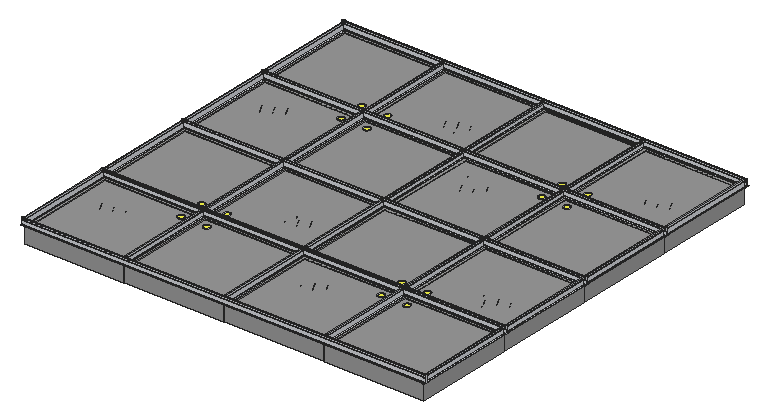
Revit family "GRD-FPG-019_FOLDED PLUG GRID_RFA", category Modelos genéricos, Revit 2022 (continued)
Definition of nested family "GRD-TLE-021_TILE 001_RFA"
  Forms (in)
    Extrusion 188, solid
      sketch origin (24.02767, 130.90855, 0) x (1, 0, 0) y (0, 0, 1)
        loop
          line (0.41002, 2.25277) -> (0.32669, 2.16944)
          arc (0.32669, 2.16944) -> (0.31795, 2.15637) -> (0.31489, 2.14095) r 0.04029
          line (0.31489, 2.14095) -> (0.31489, 1.72991)
          arc (0.31489, 1.72991) -> (0.32752, 1.69941) -> (0.35803, 1.68677) r 0.04314
          line (0.35803, 1.68677) -> (0.39803, 1.68677)
          arc (0.39803, 1.68677) -> (0.41512, 1.67969) -> (0.42221, 1.66259) r 0.02418
        loop
          arc (0.33294, 1.7291) -> (0.34005, 1.71194) -> (0.35722, 1.70483) r 0.02428
          line (0.35722, 1.70483) -> (0.39815, 1.70483)
          arc (0.39815, 1.70483) -> (0.42797, 1.69248) -> (0.44023, 1.66266) r 0.04217
          arc (0.44023, 1.66266) -> (0.45258, 1.69248) -> (0.4824, 1.70483) r 0.04217
          line (0.4824, 1.70483) -> (0.52333, 1.70483)
          arc (0.52333, 1.70483) -> (0.54049, 1.71194) -> (0.54761, 1.7291) r 0.02428
          line (0.54761, 1.7291) -> (0.54761, 2.15016) -> (0.45704, 2.24072)
          arc (0.45704, 2.24072) -> (0.44027, 2.24767) -> (0.42351, 2.24072) r 0.02371
          line (0.42351, 2.24072) -> (0.33294, 2.15016) -> (0.33294, 1.7291)
      from 58.93614 to 81.99864
    Extrusion 189, solid
      sketch origin (0.02767, 130.90855, 0) x (1, 0, 0) y (0, 0, 1)
        loop
          line (0.42221, 1.66259) -> (0.42231, 0.67354)
          arc (0.42231, 0.67354) -> (0.41009, 0.64403) -> (0.38057, 0.6318) r 0.04174
          line (0.38057, 0.6318) -> (-0.00639, 0.6318) -> (-0.00639, 0.59057) -> (0.8874, 0.59057) -> (0.8874, 0.6318) -> (0.49998, 0.6318)
          arc (0.49998, 0.6318) -> (0.47046, 0.64403) -> (0.45824, 0.67354) r 0.04174
          line (0.45824, 0.67354) -> (0.45834, 1.66259)
          arc (0.45834, 1.66259) -> (0.46543, 1.67969) -> (0.48252, 1.68677) r 0.02418
          line (0.48252, 1.68677) -> (0.52252, 1.68677)
          arc (0.52252, 1.68677) -> (0.55303, 1.69941) -> (0.56566, 1.72991) r 0.04314
          line (0.56566, 1.72991) -> (0.56566, 2.14095)
          arc (0.56566, 2.14095) -> (0.5626, 2.15637) -> (0.55386, 2.16944) r 0.04029
          line (0.55386, 2.16944) -> (0.47053, 2.25277)
          arc (0.47053, 2.25277) -> (0.44027, 2.2653) -> (0.41002, 2.25277) r 0.04279
          line (0.41002, 2.25277) -> (0.32669, 2.16944)
          arc (0.32669, 2.16944) -> (0.31795, 2.15637) -> (0.31489, 2.14095) r 0.04029
          line (0.31489, 2.14095) -> (0.31489, 1.72991)
          arc (0.31489, 1.72991) -> (0.32752, 1.69941) -> (0.35803, 1.68677) r 0.04314
          line (0.35803, 1.68677) -> (0.39803, 1.68677)
          arc (0.39803, 1.68677) -> (0.41512, 1.67969) -> (0.42221, 1.66259) r 0.02418
        loop
          arc (0.33294, 1.7291) -> (0.34005, 1.71194) -> (0.35722, 1.70483) r 0.02428
          line (0.35722, 1.70483) -> (0.39815, 1.70483)
          arc (0.39815, 1.70483) -> (0.42797, 1.69248) -> (0.44023, 1.66266) r 0.04217
          arc (0.44023, 1.66266) -> (0.45258, 1.69248) -> (0.4824, 1.70483) r 0.04217
          line (0.4824, 1.70483) -> (0.52333, 1.70483)
          arc (0.52333, 1.70483) -> (0.54049, 1.71194) -> (0.54761, 1.7291) r 0.02428
          line (0.54761, 1.7291) -> (0.54761, 2.15016) -> (0.45704, 2.24072)
          arc (0.45704, 2.24072) -> (0.44027, 2.24767) -> (0.42351, 2.24072) r 0.02371
          line (0.42351, 2.24072) -> (0.33294, 2.15016) -> (0.33294, 1.7291)
      from 58.93614 to 81.99864
    Extrusion 190, solid
      sketch origin (48.02754, 106.90856, 0) x (1, 0, 0) y (0, 0, 1)
        loop
          line (0.42221, 1.66259) -> (0.42231, 0.67354)
          arc (0.42231, 0.67354) -> (0.41009, 0.64403) -> (0.38057, 0.6318) r 0.04174
          line (0.38057, 0.6318) -> (-0.00639, 0.6318) -> (-0.00639, 0.59057) -> (0.8874, 0.59057) -> (0.8874, 0.6318) -> (0.49998, 0.6318)
          arc (0.49998, 0.6318) -> (0.47046, 0.64403) -> (0.45824, 0.67354) r 0.04174
          line (0.45824, 0.67354) -> (0.45834, 1.66259)
          arc (0.45834, 1.66259) -> (0.46543, 1.67969) -> (0.48252, 1.68677) r 0.02418
          line (0.48252, 1.68677) -> (0.52252, 1.68677)
          arc (0.52252, 1.68677) -> (0.55303, 1.69941) -> (0.56566, 1.72991) r 0.04314
          line (0.56566, 1.72991) -> (0.56566, 2.14095)
          arc (0.56566, 2.14095) -> (0.5626, 2.15637) -> (0.55386, 2.16944) r 0.04029
          line (0.55386, 2.16944) -> (0.47053, 2.25277)
          arc (0.47053, 2.25277) -> (0.44027, 2.2653) -> (0.41002, 2.25277) r 0.04279
          line (0.41002, 2.25277) -> (0.32669, 2.16944)
          arc (0.32669, 2.16944) -> (0.31795, 2.15637) -> (0.31489, 2.14095) r 0.04029
          line (0.31489, 2.14095) -> (0.31489, 1.72991)
          arc (0.31489, 1.72991) -> (0.32752, 1.69941) -> (0.35803, 1.68677) r 0.04314
          line (0.35803, 1.68677) -> (0.39803, 1.68677)
          arc (0.39803, 1.68677) -> (0.41512, 1.67969) -> (0.42221, 1.66259) r 0.02418
        loop
          arc (0.33294, 1.7291) -> (0.34005, 1.71194) -> (0.35722, 1.70483) r 0.02428
          line (0.35722, 1.70483) -> (0.39815, 1.70483)
          arc (0.39815, 1.70483) -> (0.42797, 1.69248) -> (0.44023, 1.66266) r 0.04217
          arc (0.44023, 1.66266) -> (0.45258, 1.69248) -> (0.4824, 1.70483) r 0.04217
          line (0.4824, 1.70483) -> (0.52333, 1.70483)
          arc (0.52333, 1.70483) -> (0.54049, 1.71194) -> (0.54761, 1.7291) r 0.02428
          line (0.54761, 1.7291) -> (0.54761, 2.15016) -> (0.45704, 2.24072)
          arc (0.45704, 2.24072) -> (0.44027, 2.24767) -> (0.42351, 2.24072) r 0.02371
          line (0.42351, 2.24072) -> (0.33294, 2.15016) -> (0.33294, 1.7291)
      from 58.93614 to 81.99864
    Extrusion 191, solid
      sketch origin (72.02767, 106.90856, 0) x (1, 0, 0) y (0, 0, 1)
        loop
          line (0.42221, 1.66259) -> (0.42231, 0.67354)
          arc (0.42231, 0.67354) -> (0.41009, 0.64403) -> (0.38057, 0.6318) r 0.04174
          line (0.38057, 0.6318) -> (-0.00639, 0.6318) -> (-0.00639, 0.59057) -> (0.8874, 0.59057) -> (0.8874, 0.6318) -> (0.49998, 0.6318)
          arc (0.49998, 0.6318) -> (0.47046, 0.64403) -> (0.45824, 0.67354) r 0.04174
          line (0.45824, 0.67354) -> (0.45834, 1.66259)
          arc (0.45834, 1.66259) -> (0.46543, 1.67969) -> (0.48252, 1.68677) r 0.02418
          line (0.48252, 1.68677) -> (0.52252, 1.68677)
          arc (0.52252, 1.68677) -> (0.55303, 1.69941) -> (0.56566, 1.72991) r 0.04314
          line (0.56566, 1.72991) -> (0.56566, 2.14095)
          arc (0.56566, 2.14095) -> (0.5626, 2.15637) -> (0.55386, 2.16944) r 0.04029
          line (0.55386, 2.16944) -> (0.47053, 2.25277)
          arc (0.47053, 2.25277) -> (0.44027, 2.2653) -> (0.41002, 2.25277) r 0.04279
          line (0.41002, 2.25277) -> (0.32669, 2.16944)
          arc (0.32669, 2.16944) -> (0.31795, 2.15637) -> (0.31489, 2.14095) r 0.04029
          line (0.31489, 2.14095) -> (0.31489, 1.72991)
          arc (0.31489, 1.72991) -> (0.32752, 1.69941) -> (0.35803, 1.68677) r 0.04314
          line (0.35803, 1.68677) -> (0.39803, 1.68677)
          arc (0.39803, 1.68677) -> (0.41512, 1.67969) -> (0.42221, 1.66259) r 0.02418
        loop
          arc (0.33294, 1.7291) -> (0.34005, 1.71194) -> (0.35722, 1.70483) r 0.02428
          line (0.35722, 1.70483) -> (0.39815, 1.70483)
          arc (0.39815, 1.70483) -> (0.42797, 1.69248) -> (0.44023, 1.66266) r 0.04217
          arc (0.44023, 1.66266) -> (0.45258, 1.69248) -> (0.4824, 1.70483) r 0.04217
          line (0.4824, 1.70483) -> (0.52333, 1.70483)
          arc (0.52333, 1.70483) -> (0.54049, 1.71194) -> (0.54761, 1.7291) r 0.02428
          line (0.54761, 1.7291) -> (0.54761, 2.15016) -> (0.45704, 2.24072)
          arc (0.45704, 2.24072) -> (0.44027, 2.24767) -> (0.42351, 2.24072) r 0.02371
          line (0.42351, 2.24072) -> (0.33294, 2.15016) -> (0.33294, 1.7291)
      from 58.93614 to 81.99864
    Extrusion 192, solid
      sketch origin (96.02767, 106.90856, 0) x (1, 0, 0) y (0, 0, 1)
        loop
          line (0.42221, 1.66259) -> (0.42231, 0.67354)
          arc (0.42231, 0.67354) -> (0.41009, 0.64403) -> (0.38057, 0.6318) r 0.04174
          line (0.38057, 0.6318) -> (-0.00639, 0.6318) -> (-0.00639, 0.59057) -> (0.8874, 0.59057) -> (0.8874, 0.6318) -> (0.49998, 0.6318)
          arc (0.49998, 0.6318) -> (0.47046, 0.64403) -> (0.45824, 0.67354) r 0.04174
          line (0.45824, 0.67354) -> (0.45834, 1.66259)
          arc (0.45834, 1.66259) -> (0.46543, 1.67969) -> (0.48252, 1.68677) r 0.02418
          line (0.48252, 1.68677) -> (0.52252, 1.68677)
          arc (0.52252, 1.68677) -> (0.55303, 1.69941) -> (0.56566, 1.72991) r 0.04314
          line (0.56566, 1.72991) -> (0.56566, 2.14095)
          arc (0.56566, 2.14095) -> (0.5626, 2.15637) -> (0.55386, 2.16944) r 0.04029
          line (0.55386, 2.16944) -> (0.47053, 2.25277)
          arc (0.47053, 2.25277) -> (0.44027, 2.2653) -> (0.41002, 2.25277) r 0.04279
          line (0.41002, 2.25277) -> (0.32669, 2.16944)
          arc (0.32669, 2.16944) -> (0.31795, 2.15637) -> (0.31489, 2.14095) r 0.04029
          line (0.31489, 2.14095) -> (0.31489, 1.72991)
          arc (0.31489, 1.72991) -> (0.32752, 1.69941) -> (0.35803, 1.68677) r 0.04314
          line (0.35803, 1.68677) -> (0.39803, 1.68677)
          arc (0.39803, 1.68677) -> (0.41512, 1.67969) -> (0.42221, 1.66259) r 0.02418
        loop
          arc (0.33294, 1.7291) -> (0.34005, 1.71194) -> (0.35722, 1.70483) r 0.02428
          line (0.35722, 1.70483) -> (0.39815, 1.70483)
          arc (0.39815, 1.70483) -> (0.42797, 1.69248) -> (0.44023, 1.66266) r 0.04217
          arc (0.44023, 1.66266) -> (0.45258, 1.69248) -> (0.4824, 1.70483) r 0.04217
          line (0.4824, 1.70483) -> (0.52333, 1.70483)
          arc (0.52333, 1.70483) -> (0.54049, 1.71194) -> (0.54761, 1.7291) r 0.02428
          line (0.54761, 1.7291) -> (0.54761, 2.15016) -> (0.45704, 2.24072)
          arc (0.45704, 2.24072) -> (0.44027, 2.24767) -> (0.42351, 2.24072) r 0.02371
          line (0.42351, 2.24072) -> (0.33294, 2.15016) -> (0.33294, 1.7291)
      from 58.93614 to 81.99864
    Extrusion 193, solid
      sketch origin (24.02767, 106.90856, 0) x (1, 0, 0) y (0, 0, 1)
        loop
          line (0.42221, 1.66259) -> (0.42231, 0.67354)
          arc (0.42231, 0.67354) -> (0.41009, 0.64403) -> (0.38057, 0.6318) r 0.04174
          line (0.38057, 0.6318) -> (-0.00639, 0.6318) -> (-0.00639, 0.59057) -> (0.8874, 0.59057) -> (0.8874, 0.6318) -> (0.49998, 0.6318)
          arc (0.49998, 0.6318) -> (0.47046, 0.64403) -> (0.45824, 0.67354) r 0.04174
          line (0.45824, 0.67354) -> (0.45834, 1.66259)
          arc (0.45834, 1.66259) -> (0.46543, 1.67969) -> (0.48252, 1.68677) r 0.02418
          line (0.48252, 1.68677) -> (0.52252, 1.68677)
          arc (0.52252, 1.68677) -> (0.55303, 1.69941) -> (0.56566, 1.72991) r 0.04314
          line (0.56566, 1.72991) -> (0.56566, 2.14095)
          arc (0.56566, 2.14095) -> (0.5626, 2.15637) -> (0.55386, 2.16944) r 0.04029
          line (0.55386, 2.16944) -> (0.47053, 2.25277)
          arc (0.47053, 2.25277) -> (0.44027, 2.2653) -> (0.41002, 2.25277) r 0.04279
          line (0.41002, 2.25277) -> (0.32669, 2.16944)
          arc (0.32669, 2.16944) -> (0.31795, 2.15637) -> (0.31489, 2.14095) r 0.04029
          line (0.31489, 2.14095) -> (0.31489, 1.72991)
          arc (0.31489, 1.72991) -> (0.32752, 1.69941) -> (0.35803, 1.68677) r 0.04314
          line (0.35803, 1.68677) -> (0.39803, 1.68677)
          arc (0.39803, 1.68677) -> (0.41512, 1.67969) -> (0.42221, 1.66259) r 0.02418
        loop
          arc (0.33294, 1.7291) -> (0.34005, 1.71194) -> (0.35722, 1.70483) r 0.02428
          line (0.35722, 1.70483) -> (0.39815, 1.70483)
          arc (0.39815, 1.70483) -> (0.42797, 1.69248) -> (0.44023, 1.66266) r 0.04217
          arc (0.44023, 1.66266) -> (0.45258, 1.69248) -> (0.4824, 1.70483) r 0.04217
          line (0.4824, 1.70483) -> (0.52333, 1.70483)
          arc (0.52333, 1.70483) -> (0.54049, 1.71194) -> (0.54761, 1.7291) r 0.02428
          line (0.54761, 1.7291) -> (0.54761, 2.15016) -> (0.45704, 2.24072)
          arc (0.45704, 2.24072) -> (0.44027, 2.24767) -> (0.42351, 2.24072) r 0.02371
          line (0.42351, 2.24072) -> (0.33294, 2.15016) -> (0.33294, 1.7291)
      from 58.93614 to 81.99864
    Extrusion 194, solid
      sketch origin (0.02767, 106.90856, 0) x (1, 0, 0) y (0, 0, 1)
        loop
          line (0.42221, 1.66259) -> (0.42231, 0.67354)
          arc (0.42231, 0.67354) -> (0.41009, 0.64403) -> (0.38057, 0.6318) r 0.04174
          line (0.38057, 0.6318) -> (-0.00639, 0.6318) -> (-0.00639, 0.59057) -> (0.8874, 0.59057) -> (0.8874, 0.6318) -> (0.49998, 0.6318)
          arc (0.49998, 0.6318) -> (0.47046, 0.64403) -> (0.45824, 0.67354) r 0.04174
          line (0.45824, 0.67354) -> (0.45834, 1.66259)
          arc (0.45834, 1.66259) -> (0.46543, 1.67969) -> (0.48252, 1.68677) r 0.02418
          line (0.48252, 1.68677) -> (0.52252, 1.68677)
          arc (0.52252, 1.68677) -> (0.55303, 1.69941) -> (0.56566, 1.72991) r 0.04314
          line (0.56566, 1.72991) -> (0.56566, 2.14095)
          arc (0.56566, 2.14095) -> (0.5626, 2.15637) -> (0.55386, 2.16944) r 0.04029
          line (0.55386, 2.16944) -> (0.47053, 2.25277)
          arc (0.47053, 2.25277) -> (0.44027, 2.2653) -> (0.41002, 2.25277) r 0.04279
          line (0.41002, 2.25277) -> (0.32669, 2.16944)
          arc (0.32669, 2.16944) -> (0.31795, 2.15637) -> (0.31489, 2.14095) r 0.04029
          line (0.31489, 2.14095) -> (0.31489, 1.72991)
          arc (0.31489, 1.72991) -> (0.32752, 1.69941) -> (0.35803, 1.68677) r 0.04314
          line (0.35803, 1.68677) -> (0.39803, 1.68677)
          arc (0.39803, 1.68677) -> (0.41512, 1.67969) -> (0.42221, 1.66259) r 0.02418
        loop
          arc (0.33294, 1.7291) -> (0.34005, 1.71194) -> (0.35722, 1.70483) r 0.02428
          line (0.35722, 1.70483) -> (0.39815, 1.70483)
          arc (0.39815, 1.70483) -> (0.42797, 1.69248) -> (0.44023, 1.66266) r 0.04217
          arc (0.44023, 1.66266) -> (0.45258, 1.69248) -> (0.4824, 1.70483) r 0.04217
          line (0.4824, 1.70483) -> (0.52333, 1.70483)
          arc (0.52333, 1.70483) -> (0.54049, 1.71194) -> (0.54761, 1.7291) r 0.02428
          line (0.54761, 1.7291) -> (0.54761, 2.15016) -> (0.45704, 2.24072)
          arc (0.45704, 2.24072) -> (0.44027, 2.24767) -> (0.42351, 2.24072) r 0.02371
          line (0.42351, 2.24072) -> (0.33294, 2.15016) -> (0.33294, 1.7291)
      from 58.93614 to 81.99864
    Extrusion 195, solid
      sketch origin (48.02754, 82.90856, 0) x (1, 0, 0) y (0, 0, 1)
        loop
          line (0.42221, 1.66259) -> (0.42231, 0.67354)
          arc (0.42231, 0.67354) -> (0.41009, 0.64403) -> (0.38057, 0.6318) r 0.04174
          line (0.38057, 0.6318) -> (-0.00639, 0.6318) -> (-0.00639, 0.59057) -> (0.8874, 0.59057) -> (0.8874, 0.6318) -> (0.49998, 0.6318)
          arc (0.49998, 0.6318) -> (0.47046, 0.64403) -> (0.45824, 0.67354) r 0.04174
          line (0.45824, 0.67354) -> (0.45834, 1.66259)
          arc (0.45834, 1.66259) -> (0.46543, 1.67969) -> (0.48252, 1.68677) r 0.02418
          line (0.48252, 1.68677) -> (0.52252, 1.68677)
          arc (0.52252, 1.68677) -> (0.55303, 1.69941) -> (0.56566, 1.72991) r 0.04314
          line (0.56566, 1.72991) -> (0.56566, 2.14095)
          arc (0.56566, 2.14095) -> (0.5626, 2.15637) -> (0.55386, 2.16944) r 0.04029
          line (0.55386, 2.16944) -> (0.47053, 2.25277)
          arc (0.47053, 2.25277) -> (0.44027, 2.2653) -> (0.41002, 2.25277) r 0.04279
          line (0.41002, 2.25277) -> (0.32669, 2.16944)
          arc (0.32669, 2.16944) -> (0.31795, 2.15637) -> (0.31489, 2.14095) r 0.04029
          line (0.31489, 2.14095) -> (0.31489, 1.72991)
          arc (0.31489, 1.72991) -> (0.32752, 1.69941) -> (0.35803, 1.68677) r 0.04314
          line (0.35803, 1.68677) -> (0.39803, 1.68677)
          arc (0.39803, 1.68677) -> (0.41512, 1.67969) -> (0.42221, 1.66259) r 0.02418
        loop
          arc (0.33294, 1.7291) -> (0.34005, 1.71194) -> (0.35722, 1.70483) r 0.02428
          line (0.35722, 1.70483) -> (0.39815, 1.70483)
          arc (0.39815, 1.70483) -> (0.42797, 1.69248) -> (0.44023, 1.66266) r 0.04217
          arc (0.44023, 1.66266) -> (0.45258, 1.69248) -> (0.4824, 1.70483) r 0.04217
          line (0.4824, 1.70483) -> (0.52333, 1.70483)
          arc (0.52333, 1.70483) -> (0.54049, 1.71194) -> (0.54761, 1.7291) r 0.02428
          line (0.54761, 1.7291) -> (0.54761, 2.15016) -> (0.45704, 2.24072)
          arc (0.45704, 2.24072) -> (0.44027, 2.24767) -> (0.42351, 2.24072) r 0.02371
          line (0.42351, 2.24072) -> (0.33294, 2.15016) -> (0.33294, 1.7291)
      from 58.93614 to 81.99864
    Extrusion 196, solid
      sketch origin (72.02767, 82.90856, 0) x (1, 0, 0) y (0, 0, 1)
        loop
          line (0.42221, 1.66259) -> (0.42231, 0.67354)
          arc (0.42231, 0.67354) -> (0.41009, 0.64403) -> (0.38057, 0.6318) r 0.04174
          line (0.38057, 0.6318) -> (-0.00639, 0.6318) -> (-0.00639, 0.59057) -> (0.8874, 0.59057) -> (0.8874, 0.6318) -> (0.49998, 0.6318)
          arc (0.49998, 0.6318) -> (0.47046, 0.64403) -> (0.45824, 0.67354) r 0.04174
          line (0.45824, 0.67354) -> (0.45834, 1.66259)
          arc (0.45834, 1.66259) -> (0.46543, 1.67969) -> (0.48252, 1.68677) r 0.02418
          line (0.48252, 1.68677) -> (0.52252, 1.68677)
          arc (0.52252, 1.68677) -> (0.55303, 1.69941) -> (0.56566, 1.72991) r 0.04314
          line (0.56566, 1.72991) -> (0.56566, 2.14095)
          arc (0.56566, 2.14095) -> (0.5626, 2.15637) -> (0.55386, 2.16944) r 0.04029
          line (0.55386, 2.16944) -> (0.47053, 2.25277)
          arc (0.47053, 2.25277) -> (0.44027, 2.2653) -> (0.41002, 2.25277) r 0.04279
          line (0.41002, 2.25277) -> (0.32669, 2.16944)
          arc (0.32669, 2.16944) -> (0.31795, 2.15637) -> (0.31489, 2.14095) r 0.04029
          line (0.31489, 2.14095) -> (0.31489, 1.72991)
          arc (0.31489, 1.72991) -> (0.32752, 1.69941) -> (0.35803, 1.68677) r 0.04314
          line (0.35803, 1.68677) -> (0.39803, 1.68677)
          arc (0.39803, 1.68677) -> (0.41512, 1.67969) -> (0.42221, 1.66259) r 0.02418
        loop
          arc (0.33294, 1.7291) -> (0.34005, 1.71194) -> (0.35722, 1.70483) r 0.02428
          line (0.35722, 1.70483) -> (0.39815, 1.70483)
          arc (0.39815, 1.70483) -> (0.42797, 1.69248) -> (0.44023, 1.66266) r 0.04217
          arc (0.44023, 1.66266) -> (0.45258, 1.69248) -> (0.4824, 1.70483) r 0.04217
          line (0.4824, 1.70483) -> (0.52333, 1.70483)
          arc (0.52333, 1.70483) -> (0.54049, 1.71194) -> (0.54761, 1.7291) r 0.02428
          line (0.54761, 1.7291) -> (0.54761, 2.15016) -> (0.45704, 2.24072)
          arc (0.45704, 2.24072) -> (0.44027, 2.24767) -> (0.42351, 2.24072) r 0.02371
          line (0.42351, 2.24072) -> (0.33294, 2.15016) -> (0.33294, 1.7291)
      from 58.93614 to 81.99864
    Extrusion 197, solid
      sketch origin (96.02767, 82.90856, 0) x (1, 0, 0) y (0, 0, 1)
        loop
          line (0.42221, 1.66259) -> (0.42231, 0.67354)
          arc (0.42231, 0.67354) -> (0.41009, 0.64403) -> (0.38057, 0.6318) r 0.04174
          line (0.38057, 0.6318) -> (-0.00639, 0.6318) -> (-0.00639, 0.59057) -> (0.8874, 0.59057) -> (0.8874, 0.6318) -> (0.49998, 0.6318)
          arc (0.49998, 0.6318) -> (0.47046, 0.64403) -> (0.45824, 0.67354) r 0.04174
          line (0.45824, 0.67354) -> (0.45834, 1.66259)
          arc (0.45834, 1.66259) -> (0.46543, 1.67969) -> (0.48252, 1.68677) r 0.02418
          line (0.48252, 1.68677) -> (0.52252, 1.68677)
          arc (0.52252, 1.68677) -> (0.55303, 1.69941) -> (0.56566, 1.72991) r 0.04314
          line (0.56566, 1.72991) -> (0.56566, 2.14095)
          arc (0.56566, 2.14095) -> (0.5626, 2.15637) -> (0.55386, 2.16944) r 0.04029
          line (0.55386, 2.16944) -> (0.47053, 2.25277)
          arc (0.47053, 2.25277) -> (0.44027, 2.2653) -> (0.41002, 2.25277) r 0.04279
          line (0.41002, 2.25277) -> (0.32669, 2.16944)
          arc (0.32669, 2.16944) -> (0.31795, 2.15637) -> (0.31489, 2.14095) r 0.04029
          line (0.31489, 2.14095) -> (0.31489, 1.72991)
          arc (0.31489, 1.72991) -> (0.32752, 1.69941) -> (0.35803, 1.68677) r 0.04314
          line (0.35803, 1.68677) -> (0.39803, 1.68677)
          arc (0.39803, 1.68677) -> (0.41512, 1.67969) -> (0.42221, 1.66259) r 0.02418
        loop
          arc (0.33294, 1.7291) -> (0.34005, 1.71194) -> (0.35722, 1.70483) r 0.02428
          line (0.35722, 1.70483) -> (0.39815, 1.70483)
          arc (0.39815, 1.70483) -> (0.42797, 1.69248) -> (0.44023, 1.66266) r 0.04217
          arc (0.44023, 1.66266) -> (0.45258, 1.69248) -> (0.4824, 1.70483) r 0.04217
          line (0.4824, 1.70483) -> (0.52333, 1.70483)
          arc (0.52333, 1.70483) -> (0.54049, 1.71194) -> (0.54761, 1.7291) r 0.02428
          line (0.54761, 1.7291) -> (0.54761, 2.15016) -> (0.45704, 2.24072)
          arc (0.45704, 2.24072) -> (0.44027, 2.24767) -> (0.42351, 2.24072) r 0.02371
          line (0.42351, 2.24072) -> (0.33294, 2.15016) -> (0.33294, 1.7291)
      from 58.93614 to 81.99864
    Extrusion 198, solid
      sketch origin (24.02767, 82.90856, 0) x (1, 0, 0) y (0, 0, 1)
        loop
          line (0.42221, 1.66259) -> (0.42231, 0.67354)
          arc (0.42231, 0.67354) -> (0.41009, 0.64403) -> (0.38057, 0.6318) r 0.04174
          line (0.38057, 0.6318) -> (-0.00639, 0.6318) -> (-0.00639, 0.59057) -> (0.8874, 0.59057) -> (0.8874, 0.6318) -> (0.49998, 0.6318)
          arc (0.49998, 0.6318) -> (0.47046, 0.64403) -> (0.45824, 0.67354) r 0.04174
          line (0.45824, 0.67354) -> (0.45834, 1.66259)
          arc (0.45834, 1.66259) -> (0.46543, 1.67969) -> (0.48252, 1.68677) r 0.02418
          line (0.48252, 1.68677) -> (0.52252, 1.68677)
          arc (0.52252, 1.68677) -> (0.55303, 1.69941) -> (0.56566, 1.72991) r 0.04314
          line (0.56566, 1.72991) -> (0.56566, 2.14095)
          arc (0.56566, 2.14095) -> (0.5626, 2.15637) -> (0.55386, 2.16944) r 0.04029
          line (0.55386, 2.16944) -> (0.47053, 2.25277)
          arc (0.47053, 2.25277) -> (0.44027, 2.2653) -> (0.41002, 2.25277) r 0.04279
          line (0.41002, 2.25277) -> (0.32669, 2.16944)
          arc (0.32669, 2.16944) -> (0.31795, 2.15637) -> (0.31489, 2.14095) r 0.04029
          line (0.31489, 2.14095) -> (0.31489, 1.72991)
          arc (0.31489, 1.72991) -> (0.32752, 1.69941) -> (0.35803, 1.68677) r 0.04314
          line (0.35803, 1.68677) -> (0.39803, 1.68677)
          arc (0.39803, 1.68677) -> (0.41512, 1.67969) -> (0.42221, 1.66259) r 0.02418
        loop
          arc (0.33294, 1.7291) -> (0.34005, 1.71194) -> (0.35722, 1.70483) r 0.02428
          line (0.35722, 1.70483) -> (0.39815, 1.70483)
          arc (0.39815, 1.70483) -> (0.42797, 1.69248) -> (0.44023, 1.66266) r 0.04217
          arc (0.44023, 1.66266) -> (0.45258, 1.69248) -> (0.4824, 1.70483) r 0.04217
          line (0.4824, 1.70483) -> (0.52333, 1.70483)
          arc (0.52333, 1.70483) -> (0.54049, 1.71194) -> (0.54761, 1.7291) r 0.02428
          line (0.54761, 1.7291) -> (0.54761, 2.15016) -> (0.45704, 2.24072)
          arc (0.45704, 2.24072) -> (0.44027, 2.24767) -> (0.42351, 2.24072) r 0.02371
          line (0.42351, 2.24072) -> (0.33294, 2.15016) -> (0.33294, 1.7291)
      from 58.93614 to 81.99864
    Extrusion 199, solid
      sketch origin (0.02767, 82.90856, 0) x (1, 0, 0) y (0, 0, 1)
        loop
          line (0.42221, 1.66259) -> (0.42231, 0.67354)
          arc (0.42231, 0.67354) -> (0.41009, 0.64403) -> (0.38057, 0.6318) r 0.04174
          line (0.38057, 0.6318) -> (-0.00639, 0.6318) -> (-0.00639, 0.59057) -> (0.8874, 0.59057) -> (0.8874, 0.6318) -> (0.49998, 0.6318)
          arc (0.49998, 0.6318) -> (0.47046, 0.64403) -> (0.45824, 0.67354) r 0.04174
          line (0.45824, 0.67354) -> (0.45834, 1.66259)
          arc (0.45834, 1.66259) -> (0.46543, 1.67969) -> (0.48252, 1.68677) r 0.02418
          line (0.48252, 1.68677) -> (0.52252, 1.68677)
          arc (0.52252, 1.68677) -> (0.55303, 1.69941) -> (0.56566, 1.72991) r 0.04314
          line (0.56566, 1.72991) -> (0.56566, 2.14095)
          arc (0.56566, 2.14095) -> (0.5626, 2.15637) -> (0.55386, 2.16944) r 0.04029
          line (0.55386, 2.16944) -> (0.47053, 2.25277)
          arc (0.47053, 2.25277) -> (0.44027, 2.2653) -> (0.41002, 2.25277) r 0.04279
          line (0.41002, 2.25277) -> (0.32669, 2.16944)
          arc (0.32669, 2.16944) -> (0.31795, 2.15637) -> (0.31489, 2.14095) r 0.04029
          line (0.31489, 2.14095) -> (0.31489, 1.72991)
          arc (0.31489, 1.72991) -> (0.32752, 1.69941) -> (0.35803, 1.68677) r 0.04314
          line (0.35803, 1.68677) -> (0.39803, 1.68677)
          arc (0.39803, 1.68677) -> (0.41512, 1.67969) -> (0.42221, 1.66259) r 0.02418
        loop
          arc (0.33294, 1.7291) -> (0.34005, 1.71194) -> (0.35722, 1.70483) r 0.02428
          line (0.35722, 1.70483) -> (0.39815, 1.70483)
          arc (0.39815, 1.70483) -> (0.42797, 1.69248) -> (0.44023, 1.66266) r 0.04217
          arc (0.44023, 1.66266) -> (0.45258, 1.69248) -> (0.4824, 1.70483) r 0.04217
          line (0.4824, 1.70483) -> (0.52333, 1.70483)
          arc (0.52333, 1.70483) -> (0.54049, 1.71194) -> (0.54761, 1.7291) r 0.02428
          line (0.54761, 1.7291) -> (0.54761, 2.15016) -> (0.45704, 2.24072)
          arc (0.45704, 2.24072) -> (0.44027, 2.24767) -> (0.42351, 2.24072) r 0.02371
          line (0.42351, 2.24072) -> (0.33294, 2.15016) -> (0.33294, 1.7291)
      from 58.93614 to 81.99864
    Extrusion 200, solid, not visible
      sketch origin (0, 0, 0) x (1, 0, 0) y (0, 1, 0)
        loop
          line (24.34376, 0.56617) -> (24.34376, 24.31617) -> (0.59376, 24.31617) -> (0.59376, 0.56617) -> (24.34376, 0.56617)
      from 0.11811 to 0.59055
    Extrusion 201, solid, not visible
      sketch origin (0, 0, 0) x (1, 0, 0) y (0, 1, 0)
        loop
          line (24.34376, 0.56617) -> (24.34376, 24.31617) -> (0.59376, 24.31617) -> (0.59376, 0.56617) -> (24.34376, 0.56617)
      from 0 to 0.11811
    Extrusion 202, solid, not visible
      sketch origin (24, 0, 0) x (1, 0, 0) y (0, 1, 0)
        loop
          line (24.34376, 0.56617) -> (24.34376, 24.31617) -> (0.59376, 24.31617) -> (0.59376, 0.56617) -> (24.34376, 0.56617)
      from 0.11811 to 0.59055
    Extrusion 203, solid, not visible
      sketch origin (24, 0, 0) x (1, 0, 0) y (0, 1, 0)
        loop
          line (24.34376, 0.56617) -> (24.34376, 24.31617) -> (0.59376, 24.31617) -> (0.59376, 0.56617) -> (24.34376, 0.56617)
      from 0 to 0.11811
    Extrusion 204, solid, not visible
      sketch origin (48, 0, 0) x (1, 0, 0) y (0, 1, 0)
        loop
          line (24.34376, 0.56617) -> (24.34376, 24.31617) -> (0.59376, 24.31617) -> (0.59376, 0.56617) -> (24.34376, 0.56617)
      from 0.11811 to 0.59055
    Extrusion 205, solid, not visible
      sketch origin (48, 0, 0) x (1, 0, 0) y (0, 1, 0)
        loop
          line (24.34376, 0.56617) -> (24.34376, 24.31617) -> (0.59376, 24.31617) -> (0.59376, 0.56617) -> (24.34376, 0.56617)
      from 0 to 0.11811
    Extrusion 206, solid, not visible
      sketch origin (72, 0, 0) x (1, 0, 0) y (0, 1, 0)
        loop
          line (24.34376, 0.56617) -> (24.34376, 24.31617) -> (0.59376, 24.31617) -> (0.59376, 0.56617) -> (24.34376, 0.56617)
      from 0.11811 to 0.59055
    Extrusion 207, solid, not visible
      sketch origin (72, 0, 0) x (1, 0, 0) y (0, 1, 0)
        loop
          line (24.34376, 0.56617) -> (24.34376, 24.31617) -> (0.59376, 24.31617) -> (0.59376, 0.56617) -> (24.34376, 0.56617)
      from 0 to 0.11811
    Extrusion 208, solid, not visible
      sketch origin (0, 24, 0) x (1, 0, 0) y (0, 1, 0)
        loop
          line (24.34376, 0.56617) -> (24.34376, 24.31617) -> (0.59376, 24.31617) -> (0.59376, 0.56617) -> (24.34376, 0.56617)
      from 0.11811 to 0.59055
    Extrusion 209, solid, not visible
      sketch origin (0, 24, 0) x (1, 0, 0) y (0, 1, 0)
        loop
          line (24.34376, 0.56617) -> (24.34376, 24.31617) -> (0.59376, 24.31617) -> (0.59376, 0.56617) -> (24.34376, 0.56617)
      from 0 to 0.11811
    Extrusion 210, solid, not visible
      sketch origin (24, 24, 0) x (1, 0, 0) y (0, 1, 0)
        loop
          line (24.34376, 0.56617) -> (24.34376, 24.31617) -> (0.59376, 24.31617) -> (0.59376, 0.56617) -> (24.34376, 0.56617)
      from 0.11811 to 0.59055
    Extrusion 211, solid, not visible
      sketch origin (24, 24, 0) x (1, 0, 0) y (0, 1, 0)
        loop
          line (24.34376, 0.56617) -> (24.34376, 24.31617) -> (0.59376, 24.31617) -> (0.59376, 0.56617) -> (24.34376, 0.56617)
      from 0 to 0.11811
    Extrusion 212, solid, not visible
      sketch origin (48, 24, 0) x (1, 0, 0) y (0, 1, 0)
        loop
          line (24.34376, 0.56617) -> (24.34376, 24.31617) -> (0.59376, 24.31617) -> (0.59376, 0.56617) -> (24.34376, 0.56617)
      from 0.11811 to 0.59055
    Extrusion 213, solid, not visible
      sketch origin (48, 24, 0) x (1, 0, 0) y (0, 1, 0)
        loop
          line (24.34376, 0.56617) -> (24.34376, 24.31617) -> (0.59376, 24.31617) -> (0.59376, 0.56617) -> (24.34376, 0.56617)
      from 0 to 0.11811
    Extrusion 214, solid, not visible
      sketch origin (72, 24, 0) x (1, 0, 0) y (0, 1, 0)
        loop
          line (24.34376, 0.56617) -> (24.34376, 24.31617) -> (0.59376, 24.31617) -> (0.59376, 0.56617) -> (24.34376, 0.56617)
      from 0.11811 to 0.59055
    Extrusion 215, solid, not visible
      sketch origin (72, 24, 0) x (1, 0, 0) y (0, 1, 0)
        loop
          line (24.34376, 0.56617) -> (24.34376, 24.31617) -> (0.59376, 24.31617) -> (0.59376, 0.56617) -> (24.34376, 0.56617)
      from 0 to 0.11811
    Extrusion 216, solid, not visible
      sketch origin (0, 48, 0) x (1, 0, 0) y (0, 1, 0)
        loop
          line (24.34376, 0.56617) -> (24.34376, 24.31617) -> (0.59376, 24.31617) -> (0.59376, 0.56617) -> (24.34376, 0.56617)
      from 0.11811 to 0.59055
    Extrusion 217, solid, not visible
      sketch origin (0, 48, 0) x (1, 0, 0) y (0, 1, 0)
        loop
          line (24.34376, 0.56617) -> (24.34376, 24.31617) -> (0.59376, 24.31617) -> (0.59376, 0.56617) -> (24.34376, 0.56617)
      from 0 to 0.11811
    Extrusion 218, solid, not visible
      sketch origin (24, 48, 0) x (1, 0, 0) y (0, 1, 0)
        loop
          line (24.34376, 0.56617) -> (24.34376, 24.31617) -> (0.59376, 24.31617) -> (0.59376, 0.56617) -> (24.34376, 0.56617)
      from 0.11811 to 0.59055
    Extrusion 219, solid, not visible
      sketch origin (24, 48, 0) x (1, 0, 0) y (0, 1, 0)
        loop
          line (24.34376, 0.56617) -> (24.34376, 24.31617) -> (0.59376, 24.31617) -> (0.59376, 0.56617) -> (24.34376, 0.56617)
      from 0 to 0.11811
    Extrusion 220, solid, not visible
      sketch origin (48, 48, 0) x (1, 0, 0) y (0, 1, 0)
        loop
          line (24.34376, 0.56617) -> (24.34376, 24.31617) -> (0.59376, 24.31617) -> (0.59376, 0.56617) -> (24.34376, 0.56617)
      from 0.11811 to 0.59055
    Extrusion 221, solid, not visible
      sketch origin (48, 48, 0) x (1, 0, 0) y (0, 1, 0)
        loop
          line (24.34376, 0.56617) -> (24.34376, 24.31617) -> (0.59376, 24.31617) -> (0.59376, 0.56617) -> (24.34376, 0.56617)
      from 0 to 0.11811
    Extrusion 222, solid, not visible
      sketch origin (72, 48, 0) x (1, 0, 0) y (0, 1, 0)
        loop
          line (24.34376, 0.56617) -> (24.34376, 24.31617) -> (0.59376, 24.31617) -> (0.59376, 0.56617) -> (24.34376, 0.56617)
      from 0.11811 to 0.59055
    Extrusion 223, solid, not visible
      sketch origin (72, 48, 0) x (1, 0, 0) y (0, 1, 0)
        loop
          line (24.34376, 0.56617) -> (24.34376, 24.31617) -> (0.59376, 24.31617) -> (0.59376, 0.56617) -> (24.34376, 0.56617)
      from 0 to 0.11811
    Extrusion 224, solid, not visible
      sketch origin (0, 72, 0) x (1, 0, 0) y (0, 1, 0)
        loop
          line (24.34376, 0.56617) -> (24.34376, 24.31617) -> (0.59376, 24.31617) -> (0.59376, 0.56617) -> (24.34376, 0.56617)
      from 0.11811 to 0.59055
    Extrusion 225, solid, not visible
      sketch origin (0, 72, 0) x (1, 0, 0) y (0, 1, 0)
        loop
          line (24.34376, 0.56617) -> (24.34376, 24.31617) -> (0.59376, 24.31617) -> (0.59376, 0.56617) -> (24.34376, 0.56617)
      from 0 to 0.11811
    Extrusion 226, solid, not visible
      sketch origin (24, 72, 0) x (1, 0, 0) y (0, 1, 0)
        loop
          line (24.34376, 0.56617) -> (24.34376, 24.31617) -> (0.59376, 24.31617) -> (0.59376, 0.56617) -> (24.34376, 0.56617)
      from 0.11811 to 0.59055
    Extrusion 227, solid, not visible
      sketch origin (24, 72, 0) x (1, 0, 0) y (0, 1, 0)
        loop
          line (24.34376, 0.56617) -> (24.34376, 24.31617) -> (0.59376, 24.31617) -> (0.59376, 0.56617) -> (24.34376, 0.56617)
      from 0 to 0.11811
    Extrusion 228, solid, not visible
      sketch origin (48, 72, 0) x (1, 0, 0) y (0, 1, 0)
        loop
          line (24.34376, 0.56617) -> (24.34376, 24.31617) -> (0.59376, 24.31617) -> (0.59376, 0.56617) -> (24.34376, 0.56617)
      from 0.11811 to 0.59055
    Extrusion 229, solid, not visible
      sketch origin (48, 72, 0) x (1, 0, 0) y (0, 1, 0)
        loop
          line (24.34376, 0.56617) -> (24.34376, 24.31617) -> (0.59376, 24.31617) -> (0.59376, 0.56617) -> (24.34376, 0.56617)
      from 0 to 0.11811
    Extrusion 230, solid, not visible
      sketch origin (72, 72, 0) x (1, 0, 0) y (0, 1, 0)
        loop
          line (24.34376, 0.56617) -> (24.34376, 24.31617) -> (0.59376, 24.31617) -> (0.59376, 0.56617) -> (24.34376, 0.56617)
      from 0.11811 to 0.59055
    Extrusion 231, solid, not visible
      sketch origin (72, 72, 0) x (1, 0, 0) y (0, 1, 0)
        loop
          line (24.34376, 0.56617) -> (24.34376, 24.31617) -> (0.59376, 24.31617) -> (0.59376, 0.56617) -> (24.34376, 0.56617)
      from 0 to 0.11811
    Extrusion 232, solid, not visible
      sketch origin (0, 0, 0) x (0, 1, 0) y (0, 0, 1)
        loop
          line (0.42221, 1.66259) -> (0.42231, 0.67354)
          arc (0.42231, 0.67354) -> (0.41009, 0.64403) -> (0.38057, 0.6318) r 0.04174
          line (0.38057, 0.6318) -> (-0.00639, 0.6318) -> (-0.00639, 0.59057) -> (0.8874, 0.59057) -> (0.8874, 0.6318) -> (0.49998, 0.6318)
          arc (0.49998, 0.6318) -> (0.47046, 0.64403) -> (0.45824, 0.67354) r 0.04174
          line (0.45824, 0.67354) -> (0.45834, 1.66259)
          arc (0.45834, 1.66259) -> (0.46543, 1.67969) -> (0.48252, 1.68677) r 0.02418
          line (0.48252, 1.68677) -> (0.52252, 1.68677)
          arc (0.52252, 1.68677) -> (0.55303, 1.69941) -> (0.56566, 1.72991) r 0.04314
          line (0.56566, 1.72991) -> (0.56566, 2.14095)
          arc (0.56566, 2.14095) -> (0.5626, 2.15637) -> (0.55386, 2.16944) r 0.04029
          line (0.55386, 2.16944) -> (0.47053, 2.25277)
          arc (0.47053, 2.25277) -> (0.44027, 2.2653) -> (0.41002, 2.25277) r 0.04279
          line (0.41002, 2.25277) -> (0.32669, 2.16944)
          arc (0.32669, 2.16944) -> (0.31795, 2.15637) -> (0.31489, 2.14095) r 0.04029
          line (0.31489, 2.14095) -> (0.31489, 1.72991)
          arc (0.31489, 1.72991) -> (0.32752, 1.69941) -> (0.35803, 1.68677) r 0.04314
          line (0.35803, 1.68677) -> (0.39803, 1.68677)
          arc (0.39803, 1.68677) -> (0.41512, 1.67969) -> (0.42221, 1.66259) r 0.02418
        loop
          arc (0.33294, 1.7291) -> (0.34005, 1.71194) -> (0.35722, 1.70483) r 0.02428
          line (0.35722, 1.70483) -> (0.39815, 1.70483)
          arc (0.39815, 1.70483) -> (0.42797, 1.69248) -> (0.44023, 1.66266) r 0.04217
          arc (0.44023, 1.66266) -> (0.45258, 1.69248) -> (0.4824, 1.70483) r 0.04217
          line (0.4824, 1.70483) -> (0.52333, 1.70483)
          arc (0.52333, 1.70483) -> (0.54049, 1.71194) -> (0.54761, 1.7291) r 0.02428
          line (0.54761, 1.7291) -> (0.54761, 2.15016) -> (0.45704, 2.24072)
          arc (0.45704, 2.24072) -> (0.44027, 2.24767) -> (0.42351, 2.24072) r 0.02371
          line (0.42351, 2.24072) -> (0.33294, 2.15016) -> (0.33294, 1.7291)
      from 0 to 96.9361
    Extrusion 233, solid, not visible
      sketch origin (0, 24, 0) x (0, 1, 0) y (0, 0, 1)
        loop
          line (0.42221, 1.66259) -> (0.42231, 0.67354)
          arc (0.42231, 0.67354) -> (0.41009, 0.64403) -> (0.38057, 0.6318) r 0.04174
          line (0.38057, 0.6318) -> (-0.00639, 0.6318) -> (-0.00639, 0.59057) -> (0.8874, 0.59057) -> (0.8874, 0.6318) -> (0.49998, 0.6318)
          arc (0.49998, 0.6318) -> (0.47046, 0.64403) -> (0.45824, 0.67354) r 0.04174
          line (0.45824, 0.67354) -> (0.45834, 1.66259)
          arc (0.45834, 1.66259) -> (0.46543, 1.67969) -> (0.48252, 1.68677) r 0.02418
          line (0.48252, 1.68677) -> (0.52252, 1.68677)
          arc (0.52252, 1.68677) -> (0.55303, 1.69941) -> (0.56566, 1.72991) r 0.04314
          line (0.56566, 1.72991) -> (0.56566, 2.14095)
          arc (0.56566, 2.14095) -> (0.5626, 2.15637) -> (0.55386, 2.16944) r 0.04029
          line (0.55386, 2.16944) -> (0.47053, 2.25277)
          arc (0.47053, 2.25277) -> (0.44027, 2.2653) -> (0.41002, 2.25277) r 0.04279
          line (0.41002, 2.25277) -> (0.32669, 2.16944)
          arc (0.32669, 2.16944) -> (0.31795, 2.15637) -> (0.31489, 2.14095) r 0.04029
          line (0.31489, 2.14095) -> (0.31489, 1.72991)
          arc (0.31489, 1.72991) -> (0.32752, 1.69941) -> (0.35803, 1.68677) r 0.04314
          line (0.35803, 1.68677) -> (0.39803, 1.68677)
          arc (0.39803, 1.68677) -> (0.41512, 1.67969) -> (0.42221, 1.66259) r 0.02418
        loop
          arc (0.33294, 1.7291) -> (0.34005, 1.71194) -> (0.35722, 1.70483) r 0.02428
          line (0.35722, 1.70483) -> (0.39815, 1.70483)
          arc (0.39815, 1.70483) -> (0.42797, 1.69248) -> (0.44023, 1.66266) r 0.04217
          arc (0.44023, 1.66266) -> (0.45258, 1.69248) -> (0.4824, 1.70483) r 0.04217
          line (0.4824, 1.70483) -> (0.52333, 1.70483)
          arc (0.52333, 1.70483) -> (0.54049, 1.71194) -> (0.54761, 1.7291) r 0.02428
          line (0.54761, 1.7291) -> (0.54761, 2.15016) -> (0.45704, 2.24072)
          arc (0.45704, 2.24072) -> (0.44027, 2.24767) -> (0.42351, 2.24072) r 0.02371
          line (0.42351, 2.24072) -> (0.33294, 2.15016) -> (0.33294, 1.7291)
      from 0 to 96.9361
    Extrusion 234, solid, not visible
      sketch origin (0, 48, 0) x (0, 1, 0) y (0, 0, 1)
        loop
          line (0.42221, 1.66259) -> (0.42231, 0.67354)
          arc (0.42231, 0.67354) -> (0.41009, 0.64403) -> (0.38057, 0.6318) r 0.04174
          line (0.38057, 0.6318) -> (-0.00639, 0.6318) -> (-0.00639, 0.59057) -> (0.8874, 0.59057) -> (0.8874, 0.6318) -> (0.49998, 0.6318)
          arc (0.49998, 0.6318) -> (0.47046, 0.64403) -> (0.45824, 0.67354) r 0.04174
          line (0.45824, 0.67354) -> (0.45834, 1.66259)
          arc (0.45834, 1.66259) -> (0.46543, 1.67969) -> (0.48252, 1.68677) r 0.02418
          line (0.48252, 1.68677) -> (0.52252, 1.68677)
          arc (0.52252, 1.68677) -> (0.55303, 1.69941) -> (0.56566, 1.72991) r 0.04314
          line (0.56566, 1.72991) -> (0.56566, 2.14095)
          arc (0.56566, 2.14095) -> (0.5626, 2.15637) -> (0.55386, 2.16944) r 0.04029
          line (0.55386, 2.16944) -> (0.47053, 2.25277)
          arc (0.47053, 2.25277) -> (0.44027, 2.2653) -> (0.41002, 2.25277) r 0.04279
          line (0.41002, 2.25277) -> (0.32669, 2.16944)
          arc (0.32669, 2.16944) -> (0.31795, 2.15637) -> (0.31489, 2.14095) r 0.04029
          line (0.31489, 2.14095) -> (0.31489, 1.72991)
          arc (0.31489, 1.72991) -> (0.32752, 1.69941) -> (0.35803, 1.68677) r 0.04314
          line (0.35803, 1.68677) -> (0.39803, 1.68677)
          arc (0.39803, 1.68677) -> (0.41512, 1.67969) -> (0.42221, 1.66259) r 0.02418
        loop
          arc (0.33294, 1.7291) -> (0.34005, 1.71194) -> (0.35722, 1.70483) r 0.02428
          line (0.35722, 1.70483) -> (0.39815, 1.70483)
          arc (0.39815, 1.70483) -> (0.42797, 1.69248) -> (0.44023, 1.66266) r 0.04217
          arc (0.44023, 1.66266) -> (0.45258, 1.69248) -> (0.4824, 1.70483) r 0.04217
          line (0.4824, 1.70483) -> (0.52333, 1.70483)
          arc (0.52333, 1.70483) -> (0.54049, 1.71194) -> (0.54761, 1.7291) r 0.02428
          line (0.54761, 1.7291) -> (0.54761, 2.15016) -> (0.45704, 2.24072)
          arc (0.45704, 2.24072) -> (0.44027, 2.24767) -> (0.42351, 2.24072) r 0.02371
          line (0.42351, 2.24072) -> (0.33294, 2.15016) -> (0.33294, 1.7291)
      from 0 to 96.9361
    Extrusion 235, solid, not visible
      sketch origin (0, 72, 0) x (0, 1, 0) y (0, 0, 1)
        loop
          line (0.42221, 1.66259) -> (0.42231, 0.67354)
          arc (0.42231, 0.67354) -> (0.41009, 0.64403) -> (0.38057, 0.6318) r 0.04174
          line (0.38057, 0.6318) -> (-0.00639, 0.6318) -> (-0.00639, 0.59057) -> (0.8874, 0.59057) -> (0.8874, 0.6318) -> (0.49998, 0.6318)
          arc (0.49998, 0.6318) -> (0.47046, 0.64403) -> (0.45824, 0.67354) r 0.04174
          line (0.45824, 0.67354) -> (0.45834, 1.66259)
          arc (0.45834, 1.66259) -> (0.46543, 1.67969) -> (0.48252, 1.68677) r 0.02418
          line (0.48252, 1.68677) -> (0.52252, 1.68677)
          arc (0.52252, 1.68677) -> (0.55303, 1.69941) -> (0.56566, 1.72991) r 0.04314
          line (0.56566, 1.72991) -> (0.56566, 2.14095)
          arc (0.56566, 2.14095) -> (0.5626, 2.15637) -> (0.55386, 2.16944) r 0.04029
          line (0.55386, 2.16944) -> (0.47053, 2.25277)
          arc (0.47053, 2.25277) -> (0.44027, 2.2653) -> (0.41002, 2.25277) r 0.04279
          line (0.41002, 2.25277) -> (0.32669, 2.16944)
          arc (0.32669, 2.16944) -> (0.31795, 2.15637) -> (0.31489, 2.14095) r 0.04029
          line (0.31489, 2.14095) -> (0.31489, 1.72991)
          arc (0.31489, 1.72991) -> (0.32752, 1.69941) -> (0.35803, 1.68677) r 0.04314
          line (0.35803, 1.68677) -> (0.39803, 1.68677)
          arc (0.39803, 1.68677) -> (0.41512, 1.67969) -> (0.42221, 1.66259) r 0.02418
        loop
          arc (0.33294, 1.7291) -> (0.34005, 1.71194) -> (0.35722, 1.70483) r 0.02428
          line (0.35722, 1.70483) -> (0.39815, 1.70483)
          arc (0.39815, 1.70483) -> (0.42797, 1.69248) -> (0.44023, 1.66266) r 0.04217
          arc (0.44023, 1.66266) -> (0.45258, 1.69248) -> (0.4824, 1.70483) r 0.04217
          line (0.4824, 1.70483) -> (0.52333, 1.70483)
          arc (0.52333, 1.70483) -> (0.54049, 1.71194) -> (0.54761, 1.7291) r 0.02428
          line (0.54761, 1.7291) -> (0.54761, 2.15016) -> (0.45704, 2.24072)
          arc (0.45704, 2.24072) -> (0.44027, 2.24767) -> (0.42351, 2.24072) r 0.02371
          line (0.42351, 2.24072) -> (0.33294, 2.15016) -> (0.33294, 1.7291)
      from 0 to 96.9361
    Extrusion 236, solid, not visible
      sketch origin (0, 96, 0) x (0, 1, 0) y (0, 0, 1)
        loop
          line (0.42221, 1.66259) -> (0.42231, 0.67354)
          arc (0.42231, 0.67354) -> (0.41009, 0.64403) -> (0.38057, 0.6318) r 0.04174
          line (0.38057, 0.6318) -> (-0.00639, 0.6318) -> (-0.00639, 0.59057) -> (0.8874, 0.59057) -> (0.8874, 0.6318) -> (0.49998, 0.6318)
          arc (0.49998, 0.6318) -> (0.47046, 0.64403) -> (0.45824, 0.67354) r 0.04174
          line (0.45824, 0.67354) -> (0.45834, 1.66259)
          arc (0.45834, 1.66259) -> (0.46543, 1.67969) -> (0.48252, 1.68677) r 0.02418
          line (0.48252, 1.68677) -> (0.52252, 1.68677)
          arc (0.52252, 1.68677) -> (0.55303, 1.69941) -> (0.56566, 1.72991) r 0.04314
          line (0.56566, 1.72991) -> (0.56566, 2.14095)
          arc (0.56566, 2.14095) -> (0.5626, 2.15637) -> (0.55386, 2.16944) r 0.04029
          line (0.55386, 2.16944) -> (0.47053, 2.25277)
          arc (0.47053, 2.25277) -> (0.44027, 2.2653) -> (0.41002, 2.25277) r 0.04279
          line (0.41002, 2.25277) -> (0.32669, 2.16944)
          arc (0.32669, 2.16944) -> (0.31795, 2.15637) -> (0.31489, 2.14095) r 0.04029
          line (0.31489, 2.14095) -> (0.31489, 1.72991)
          arc (0.31489, 1.72991) -> (0.32752, 1.69941) -> (0.35803, 1.68677) r 0.04314
          line (0.35803, 1.68677) -> (0.39803, 1.68677)
          arc (0.39803, 1.68677) -> (0.41512, 1.67969) -> (0.42221, 1.66259) r 0.02418
        loop
          arc (0.33294, 1.7291) -> (0.34005, 1.71194) -> (0.35722, 1.70483) r 0.02428
          line (0.35722, 1.70483) -> (0.39815, 1.70483)
          arc (0.39815, 1.70483) -> (0.42797, 1.69248) -> (0.44023, 1.66266) r 0.04217
          arc (0.44023, 1.66266) -> (0.45258, 1.69248) -> (0.4824, 1.70483) r 0.04217
          line (0.4824, 1.70483) -> (0.52333, 1.70483)
          arc (0.52333, 1.70483) -> (0.54049, 1.71194) -> (0.54761, 1.7291) r 0.02428
          line (0.54761, 1.7291) -> (0.54761, 2.15016) -> (0.45704, 2.24072)
          arc (0.45704, 2.24072) -> (0.44027, 2.24767) -> (0.42351, 2.24072) r 0.02371
          line (0.42351, 2.24072) -> (0.33294, 2.15016) -> (0.33294, 1.7291)
      from 0 to 96.9361
    Extrusion 237, solid, not visible
      sketch origin (48.02754, 154.90856, 0) x (1, 0, 0) y (0, 0, 1)
        loop
          line (0.42221, 1.66259) -> (0.42231, 0.67354)
          arc (0.42231, 0.67354) -> (0.41009, 0.64403) -> (0.38057, 0.6318) r 0.04174
          line (0.38057, 0.6318) -> (-0.00639, 0.6318) -> (-0.00639, 0.59057) -> (0.8874, 0.59057) -> (0.8874, 0.6318) -> (0.49998, 0.6318)
          arc (0.49998, 0.6318) -> (0.47046, 0.64403) -> (0.45824, 0.67354) r 0.04174
          line (0.45824, 0.67354) -> (0.45834, 1.66259)
          arc (0.45834, 1.66259) -> (0.46543, 1.67969) -> (0.48252, 1.68677) r 0.02418
          line (0.48252, 1.68677) -> (0.52252, 1.68677)
          arc (0.52252, 1.68677) -> (0.55303, 1.69941) -> (0.56566, 1.72991) r 0.04314
          line (0.56566, 1.72991) -> (0.56566, 2.14095)
          arc (0.56566, 2.14095) -> (0.5626, 2.15637) -> (0.55386, 2.16944) r 0.04029
          line (0.55386, 2.16944) -> (0.47053, 2.25277)
          arc (0.47053, 2.25277) -> (0.44027, 2.2653) -> (0.41002, 2.25277) r 0.04279
          line (0.41002, 2.25277) -> (0.32669, 2.16944)
          arc (0.32669, 2.16944) -> (0.31795, 2.15637) -> (0.31489, 2.14095) r 0.04029
          line (0.31489, 2.14095) -> (0.31489, 1.72991)
          arc (0.31489, 1.72991) -> (0.32752, 1.69941) -> (0.35803, 1.68677) r 0.04314
          line (0.35803, 1.68677) -> (0.39803, 1.68677)
          arc (0.39803, 1.68677) -> (0.41512, 1.67969) -> (0.42221, 1.66259) r 0.02418
        loop
          arc (0.33294, 1.7291) -> (0.34005, 1.71194) -> (0.35722, 1.70483) r 0.02428
          line (0.35722, 1.70483) -> (0.39815, 1.70483)
          arc (0.39815, 1.70483) -> (0.42797, 1.69248) -> (0.44023, 1.66266) r 0.04217
          arc (0.44023, 1.66266) -> (0.45258, 1.69248) -> (0.4824, 1.70483) r 0.04217
          line (0.4824, 1.70483) -> (0.52333, 1.70483)
          arc (0.52333, 1.70483) -> (0.54049, 1.71194) -> (0.54761, 1.7291) r 0.02428
          line (0.54761, 1.7291) -> (0.54761, 2.15016) -> (0.45704, 2.24072)
          arc (0.45704, 2.24072) -> (0.44027, 2.24767) -> (0.42351, 2.24072) r 0.02371
          line (0.42351, 2.24072) -> (0.33294, 2.15016) -> (0.33294, 1.7291)
      from 58.93614 to 81.99864
    Extrusion 238, solid, not visible
      sketch origin (72.02767, 154.90856, 0) x (1, 0, 0) y (0, 0, 1)
        loop
          line (0.42221, 1.66259) -> (0.42231, 0.67354)
          arc (0.42231, 0.67354) -> (0.41009, 0.64403) -> (0.38057, 0.6318) r 0.04174
          line (0.38057, 0.6318) -> (-0.00639, 0.6318) -> (-0.00639, 0.59057) -> (0.8874, 0.59057) -> (0.8874, 0.6318) -> (0.49998, 0.6318)
          arc (0.49998, 0.6318) -> (0.47046, 0.64403) -> (0.45824, 0.67354) r 0.04174
          line (0.45824, 0.67354) -> (0.45834, 1.66259)
          arc (0.45834, 1.66259) -> (0.46543, 1.67969) -> (0.48252, 1.68677) r 0.02418
          line (0.48252, 1.68677) -> (0.52252, 1.68677)
          arc (0.52252, 1.68677) -> (0.55303, 1.69941) -> (0.56566, 1.72991) r 0.04314
          line (0.56566, 1.72991) -> (0.56566, 2.14095)
          arc (0.56566, 2.14095) -> (0.5626, 2.15637) -> (0.55386, 2.16944) r 0.04029
          line (0.55386, 2.16944) -> (0.47053, 2.25277)
          arc (0.47053, 2.25277) -> (0.44027, 2.2653) -> (0.41002, 2.25277) r 0.04279
          line (0.41002, 2.25277) -> (0.32669, 2.16944)
          arc (0.32669, 2.16944) -> (0.31795, 2.15637) -> (0.31489, 2.14095) r 0.04029
          line (0.31489, 2.14095) -> (0.31489, 1.72991)
          arc (0.31489, 1.72991) -> (0.32752, 1.69941) -> (0.35803, 1.68677) r 0.04314
          line (0.35803, 1.68677) -> (0.39803, 1.68677)
          arc (0.39803, 1.68677) -> (0.41512, 1.67969) -> (0.42221, 1.66259) r 0.02418
        loop
          arc (0.33294, 1.7291) -> (0.34005, 1.71194) -> (0.35722, 1.70483) r 0.02428
          line (0.35722, 1.70483) -> (0.39815, 1.70483)
          arc (0.39815, 1.70483) -> (0.42797, 1.69248) -> (0.44023, 1.66266) r 0.04217
          arc (0.44023, 1.66266) -> (0.45258, 1.69248) -> (0.4824, 1.70483) r 0.04217
          line (0.4824, 1.70483) -> (0.52333, 1.70483)
          arc (0.52333, 1.70483) -> (0.54049, 1.71194) -> (0.54761, 1.7291) r 0.02428
          line (0.54761, 1.7291) -> (0.54761, 2.15016) -> (0.45704, 2.24072)
          arc (0.45704, 2.24072) -> (0.44027, 2.24767) -> (0.42351, 2.24072) r 0.02371
          line (0.42351, 2.24072) -> (0.33294, 2.15016) -> (0.33294, 1.7291)
      from 58.93614 to 81.99864
    Extrusion 239, solid, not visible
      sketch origin (96.02767, 154.90856, 0) x (1, 0, 0) y (0, 0, 1)
        loop
          line (0.42221, 1.66259) -> (0.42231, 0.67354)
          arc (0.42231, 0.67354) -> (0.41009, 0.64403) -> (0.38057, 0.6318) r 0.04174
          line (0.38057, 0.6318) -> (-0.00639, 0.6318) -> (-0.00639, 0.59057) -> (0.8874, 0.59057) -> (0.8874, 0.6318) -> (0.49998, 0.6318)
          arc (0.49998, 0.6318) -> (0.47046, 0.64403) -> (0.45824, 0.67354) r 0.04174
          line (0.45824, 0.67354) -> (0.45834, 1.66259)
          arc (0.45834, 1.66259) -> (0.46543, 1.67969) -> (0.48252, 1.68677) r 0.02418
          line (0.48252, 1.68677) -> (0.52252, 1.68677)
          arc (0.52252, 1.68677) -> (0.55303, 1.69941) -> (0.56566, 1.72991) r 0.04314
          line (0.56566, 1.72991) -> (0.56566, 2.14095)
          arc (0.56566, 2.14095) -> (0.5626, 2.15637) -> (0.55386, 2.16944) r 0.04029
          line (0.55386, 2.16944) -> (0.47053, 2.25277)
          arc (0.47053, 2.25277) -> (0.44027, 2.2653) -> (0.41002, 2.25277) r 0.04279
          line (0.41002, 2.25277) -> (0.32669, 2.16944)
          arc (0.32669, 2.16944) -> (0.31795, 2.15637) -> (0.31489, 2.14095) r 0.04029
          line (0.31489, 2.14095) -> (0.31489, 1.72991)
          arc (0.31489, 1.72991) -> (0.32752, 1.69941) -> (0.35803, 1.68677) r 0.04314
          line (0.35803, 1.68677) -> (0.39803, 1.68677)
          arc (0.39803, 1.68677) -> (0.41512, 1.67969) -> (0.42221, 1.66259) r 0.02418
        loop
          arc (0.33294, 1.7291) -> (0.34005, 1.71194) -> (0.35722, 1.70483) r 0.02428
          line (0.35722, 1.70483) -> (0.39815, 1.70483)
          arc (0.39815, 1.70483) -> (0.42797, 1.69248) -> (0.44023, 1.66266) r 0.04217
          arc (0.44023, 1.66266) -> (0.45258, 1.69248) -> (0.4824, 1.70483) r 0.04217
          line (0.4824, 1.70483) -> (0.52333, 1.70483)
          arc (0.52333, 1.70483) -> (0.54049, 1.71194) -> (0.54761, 1.7291) r 0.02428
          line (0.54761, 1.7291) -> (0.54761, 2.15016) -> (0.45704, 2.24072)
          arc (0.45704, 2.24072) -> (0.44027, 2.24767) -> (0.42351, 2.24072) r 0.02371
          line (0.42351, 2.24072) -> (0.33294, 2.15016) -> (0.33294, 1.7291)
      from 58.93614 to 81.99864
    Extrusion 240, solid, not visible
      sketch origin (24.02767, 154.90856, 0) x (1, 0, 0) y (0, 0, 1)
        loop
          line (0.42221, 1.66259) -> (0.42231, 0.67354)
          arc (0.42231, 0.67354) -> (0.41009, 0.64403) -> (0.38057, 0.6318) r 0.04174
          line (0.38057, 0.6318) -> (-0.00639, 0.6318) -> (-0.00639, 0.59057) -> (0.8874, 0.59057) -> (0.8874, 0.6318) -> (0.49998, 0.6318)
          arc (0.49998, 0.6318) -> (0.47046, 0.64403) -> (0.45824, 0.67354) r 0.04174
          line (0.45824, 0.67354) -> (0.45834, 1.66259)
          arc (0.45834, 1.66259) -> (0.46543, 1.67969) -> (0.48252, 1.68677) r 0.02418
          line (0.48252, 1.68677) -> (0.52252, 1.68677)
          arc (0.52252, 1.68677) -> (0.55303, 1.69941) -> (0.56566, 1.72991) r 0.04314
          line (0.56566, 1.72991) -> (0.56566, 2.14095)
          arc (0.56566, 2.14095) -> (0.5626, 2.15637) -> (0.55386, 2.16944) r 0.04029
          line (0.55386, 2.16944) -> (0.47053, 2.25277)
          arc (0.47053, 2.25277) -> (0.44027, 2.2653) -> (0.41002, 2.25277) r 0.04279
          line (0.41002, 2.25277) -> (0.32669, 2.16944)
          arc (0.32669, 2.16944) -> (0.31795, 2.15637) -> (0.31489, 2.14095) r 0.04029
          line (0.31489, 2.14095) -> (0.31489, 1.72991)
          arc (0.31489, 1.72991) -> (0.32752, 1.69941) -> (0.35803, 1.68677) r 0.04314
          line (0.35803, 1.68677) -> (0.39803, 1.68677)
          arc (0.39803, 1.68677) -> (0.41512, 1.67969) -> (0.42221, 1.66259) r 0.02418
        loop
          arc (0.33294, 1.7291) -> (0.34005, 1.71194) -> (0.35722, 1.70483) r 0.02428
          line (0.35722, 1.70483) -> (0.39815, 1.70483)
          arc (0.39815, 1.70483) -> (0.42797, 1.69248) -> (0.44023, 1.66266) r 0.04217
          arc (0.44023, 1.66266) -> (0.45258, 1.69248) -> (0.4824, 1.70483) r 0.04217
          line (0.4824, 1.70483) -> (0.52333, 1.70483)
          arc (0.52333, 1.70483) -> (0.54049, 1.71194) -> (0.54761, 1.7291) r 0.02428
          line (0.54761, 1.7291) -> (0.54761, 2.15016) -> (0.45704, 2.24072)
          arc (0.45704, 2.24072) -> (0.44027, 2.24767) -> (0.42351, 2.24072) r 0.02371
          line (0.42351, 2.24072) -> (0.33294, 2.15016) -> (0.33294, 1.7291)
      from 58.93614 to 81.99864
    Extrusion 241, solid, not visible
      sketch origin (0.02767, 154.90856, 0) x (1, 0, 0) y (0, 0, 1)
        loop
          line (0.42221, 1.66259) -> (0.42231, 0.67354)
          arc (0.42231, 0.67354) -> (0.41009, 0.64403) -> (0.38057, 0.6318) r 0.04174
          line (0.38057, 0.6318) -> (-0.00639, 0.6318) -> (-0.00639, 0.59057) -> (0.8874, 0.59057) -> (0.8874, 0.6318) -> (0.49998, 0.6318)
          arc (0.49998, 0.6318) -> (0.47046, 0.64403) -> (0.45824, 0.67354) r 0.04174
          line (0.45824, 0.67354) -> (0.45834, 1.66259)
          arc (0.45834, 1.66259) -> (0.46543, 1.67969) -> (0.48252, 1.68677) r 0.02418
          line (0.48252, 1.68677) -> (0.52252, 1.68677)
          arc (0.52252, 1.68677) -> (0.55303, 1.69941) -> (0.56566, 1.72991) r 0.04314
          line (0.56566, 1.72991) -> (0.56566, 2.14095)
          arc (0.56566, 2.14095) -> (0.5626, 2.15637) -> (0.55386, 2.16944) r 0.04029
          line (0.55386, 2.16944) -> (0.47053, 2.25277)
          arc (0.47053, 2.25277) -> (0.44027, 2.2653) -> (0.41002, 2.25277) r 0.04279
          line (0.41002, 2.25277) -> (0.32669, 2.16944)
          arc (0.32669, 2.16944) -> (0.31795, 2.15637) -> (0.31489, 2.14095) r 0.04029
          line (0.31489, 2.14095) -> (0.31489, 1.72991)
          arc (0.31489, 1.72991) -> (0.32752, 1.69941) -> (0.35803, 1.68677) r 0.04314
          line (0.35803, 1.68677) -> (0.39803, 1.68677)
